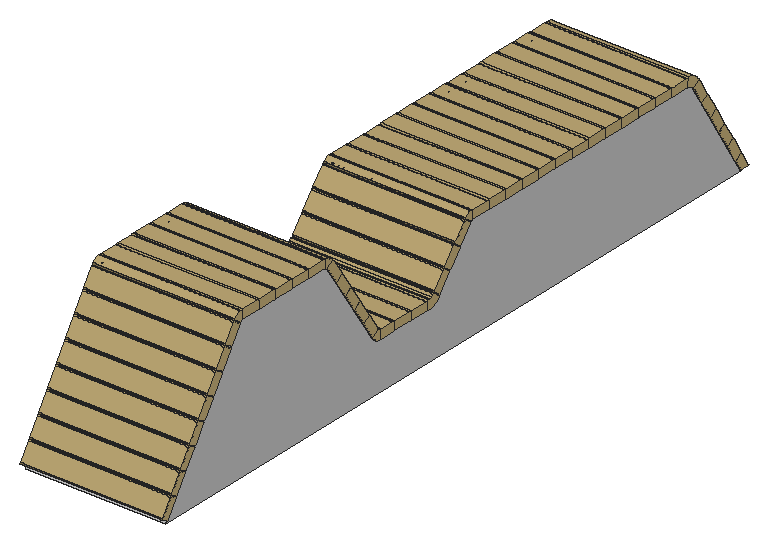
Revit family "L-FUR_벤치_YB-278_예건", category 일반 모델, Revit 2021
Family settings
  보강 철근 호스트 가능 = 아니오
  원형 커넥터 치수 = 지름 사용
  부품 유형 = 보통
  작업 기준면 기반 = 아니오
  항상 수직 = 예
  로드될 때 보이드를 사용하여 절단 = 아니오
  공유 = 아니오
  룸 계산 점 = 아니오
Parameters
  한국산업규격KS = ""
  조달청표준공사코드-세부공종 = ""
  기본 입면도 = 0 mm
  건설정보분류체계-부위분류 = "E943"
  LIM_INFO_주의사항 = "재배포, 재가공, 판매 금지"
  LIM_INFO_제품업체 = "예건"
  LIM_INFO_제품번호 = "YF-16"
  LIM_INFO_제품명 = "펜스_YF-16"
  LIM_INFO_제작일 = "20230315"
  LIM_INFO_재료 = "Hardwood, STL-pipe, STL-plate"
  LIM_INFO_업체정보 = ""
  LIM_INFO_업체URL = "https://yekun.com/"
  LIM_INFO_업체TEL = "(+82)31-943-6114"
  LIM_INFO_업체EMAIL = "yekun@yekun.com"
  LIM_INFO_버전 = "2023_V01"
  LIM_INFO_기타정보 = ""
  LIM_INFO_규격 = "W2000 x H1800"
  LIM_INFO_가격 = 0
  LIM_INFO_PV_포장재여부 = yes
  LIM_INFO_PV_면적 = 0.00 m²
  KBIMS_식별-버전 = ""
  KBIMS_식별-bSK등록번호 = ""
  KBIMS_보급정보-저작자 = "림인포테크_MMJ"
  KBIMS_보급정보-보급코드 = ""
Reference planes
  plane 1 "중심(앞/뒤)": y = 0
  plane 2: z = 0
  plane 3 "중심(왼쪽/오른쪽)": x = 0
Dimensions and locks
  aligned and locked: level to plane 2
Nested families
  nested 1: "YB-278_base" at (0, 0, 0), type "YB-278_base"
Definition of nested family "YB-278_base"
  Parameters (values of type "YB-278_base")
    Default Elevation = 0 mm
  Reference planes
    plane 1 "중심(앞/뒤)": y = 0
    plane 2: z = 0
    plane 3 "중심(왼쪽/오른쪽)": x = 0
  Forms (mm)
    Sweep 1, solid, not visible, detail levels fine
      path origin (0, 0, 0) x (1, 0, 0) y (0, 1, 0)
        loop
          circle (-1867.879, -167.062) r 568.25
      profile origin (-1867.879, 401.188, 0) x (0, -1, 0) y (0, 0, 1)
        loop
          circle (0, 0) r 28.75
        loop
          circle (0, 0) r 30.25
    Sweep 2, solid, not visible, detail levels coarse+medium
      path origin (0, 0, 0) x (1, 0, 0) y (0, 1, 0)
        loop
          circle (-1867.879, -167.062) r 568.25
      profile origin (-1867.879, 401.188, 0) x (0, -1, 0) y (0, 0, 1)
        loop
          line (26.465, -11.234) -> (26.657, 10.77) -> (11.234, 26.465) -> (-10.77, 26.657) -> (-26.465, 11.234) -> (-26.657, -10.77) -> (-11.234, -26.465) -> (10.77, -26.657) -> (26.465, -11.234)
        loop
          line (28.047, 11.332) -> (11.82, 27.845) -> (-11.332, 28.047) -> (-27.845, 11.82) -> (-28.047, -11.332) -> (-11.82, -27.845) -> (11.332, -28.047) -> (27.845, -11.82) -> (28.047, 11.332)
    Sweep 3, solid, not visible, detail levels fine
      path origin (0, 0, -1310.25) x (1, 0, 0) y (0, 1, 0)
        loop
          circle (-1867.879, -167.062) r 568.25
      profile origin (-1867.879, 401.188, -1310.25) x (0, -1, 0) y (0, 0, 1)
        loop
          circle (0, 1310.25) r 28.75
        loop
          circle (0, 1310.25) r 30.25
    Sweep 4, solid, not visible, detail levels coarse+medium
      path origin (0, 0, -1310.25) x (1, 0, 0) y (0, 1, 0)
        loop
          circle (-1867.879, -167.062) r 568.25
      profile origin (-1867.879, 401.188, -1310.25) x (0, -1, 0) y (0, 0, 1)
        loop
          line (26.465, 1299.016) -> (26.657, 1321.02) -> (11.234, 1336.715) -> (-10.77, 1336.907) -> (-26.465, 1321.484) -> (-26.657, 1299.48) -> (-11.234, 1283.785) -> (10.77, 1283.593) -> (26.465, 1299.016)
        loop
          line (28.047, 1321.582) -> (11.82, 1338.095) -> (-11.332, 1338.297) -> (-27.845, 1322.07) -> (-28.047, 1298.918) -> (-11.82, 1282.405) -> (11.332, 1282.203) -> (27.845, 1298.43) -> (28.047, 1321.582)
    Extrusion 5, solid, not visible
      sketch origin (0, 0, 0) x (1, 0, 0) y (0, 1, 0)
        loop
          line (-1678.243, -2480.024) -> (-1613.986, -2453.408)
          arc (-1613.986, -2453.408) -> (-1612.495, -2452.007) -> (-1612.304, -2449.969) r 2.893
          line (-1612.304, -2449.969) -> (-1622.315, -2413.562) -> (-1700.528, -2445.959) -> (-1681.864, -2478.781)
          arc (-1681.864, -2478.781) -> (-1680.288, -2480.087) -> (-1678.243, -2480.024) r 2.893
        loop
          line (-1517.968, -2394.568) -> (-1465.081, -2349.398)
          arc (-1465.081, -2349.398) -> (-1464.096, -2347.605) -> (-1464.544, -2345.608) r 2.893
          line (-1464.544, -2345.608) -> (-1485.315, -2314.077) -> (-1549.689, -2369.057) -> (-1521.796, -2394.505)
          arc (-1521.796, -2394.505) -> (-1519.893, -2395.26) -> (-1517.968, -2394.568) r 2.893
        loop
          line (-1391.945, -2263.766) -> (-1355.605, -2204.465)
          arc (-1355.605, -2204.465) -> (-1355.222, -2202.454) -> (-1356.265, -2200.694) r 2.893
          line (-1356.265, -2200.694) -> (-1385.763, -2177.125) -> (-1429.997, -2249.307) -> (-1395.605, -2264.89)
          arc (-1395.605, -2264.89) -> (-1393.562, -2265.02) -> (-1391.945, -2263.766) r 2.893
        loop
          line (-1312.509, -2100.424) -> (-1296.273, -2032.795)
          arc (-1296.273, -2032.795) -> (-1296.53, -2030.765) -> (-1298.067, -2029.413) r 2.893
          line (-1298.067, -2029.413) -> (-1333.404, -2016.112) -> (-1353.167, -2098.431) -> (-1315.643, -2102.623)
          arc (-1315.643, -2102.623) -> (-1313.66, -2102.116) -> (-1312.509, -2100.424) r 2.893
        loop
          line (-1287.437, -1920.529) -> (-1292.894, -1851.193)
          arc (-1292.894, -1851.193) -> (-1293.766, -1849.341) -> (-1295.645, -1848.53) r 2.893
          line (-1295.645, -1848.53) -> (-1333.364, -1846.801) -> (-1326.722, -1931.197) -> (-1289.738, -1923.589)
          arc (-1289.738, -1923.589) -> (-1288.009, -1922.494) -> (-1287.437, -1920.529) r 2.893
        loop
          line (-1319.183, -1741.691) -> (-1345.799, -1677.435)
          arc (-1345.799, -1677.435) -> (-1347.201, -1675.943) -> (-1349.238, -1675.753) r 2.893
          line (-1349.238, -1675.753) -> (-1385.645, -1685.763) -> (-1353.248, -1763.977) -> (-1320.426, -1745.312)
          arc (-1320.426, -1745.312) -> (-1319.12, -1743.736) -> (-1319.183, -1741.691) r 2.893
        loop
          line (-1404.64, -1581.416) -> (-1449.809, -1528.529)
          arc (-1449.809, -1528.529) -> (-1451.603, -1527.544) -> (-1453.6, -1527.992) r 2.893
          line (-1453.6, -1527.992) -> (-1485.131, -1548.764) -> (-1430.15, -1613.138) -> (-1404.702, -1585.244)
          arc (-1404.702, -1585.244) -> (-1403.947, -1583.342) -> (-1404.64, -1581.416) r 2.893
        loop
          line (-1535.441, -1455.393) -> (-1594.742, -1419.053)
          arc (-1594.742, -1419.053) -> (-1596.753, -1418.67) -> (-1598.513, -1419.714) r 2.893
          line (-1598.513, -1419.714) -> (-1622.083, -1449.212) -> (-1549.9, -1493.445) -> (-1534.317, -1459.053)
          arc (-1534.317, -1459.053) -> (-1534.187, -1457.01) -> (-1535.441, -1455.393) r 2.893
        loop
          line (-1698.784, -1375.958) -> (-1766.412, -1359.721)
          arc (-1766.412, -1359.721) -> (-1768.443, -1359.978) -> (-1769.795, -1361.515) r 2.893
          line (-1769.795, -1361.515) -> (-1783.095, -1396.853) -> (-1700.777, -1416.616) -> (-1696.584, -1379.091)
          arc (-1696.584, -1379.091) -> (-1697.091, -1377.108) -> (-1698.784, -1375.958) r 2.893
        loop
          line (-1878.679, -1350.886) -> (-1948.015, -1356.343)
          arc (-1948.015, -1356.343) -> (-1949.866, -1357.215) -> (-1950.677, -1359.094) r 2.893
          line (-1950.677, -1359.094) -> (-1952.406, -1396.812) -> (-1868.01, -1390.17) -> (-1875.618, -1353.187)
          arc (-1875.618, -1353.187) -> (-1876.713, -1351.457) -> (-1878.679, -1350.886) r 2.893
        loop
          line (-2057.516, -1382.632) -> (-2121.773, -1409.247)
          arc (-2121.773, -1409.247) -> (-2123.264, -1410.649) -> (-2123.455, -1412.687) r 2.893
          line (-2123.455, -1412.687) -> (-2113.444, -1449.093) -> (-2035.231, -1416.696) -> (-2053.895, -1383.874)
          arc (-2053.895, -1383.874) -> (-2055.471, -1382.568) -> (-2057.516, -1382.632) r 2.893
        loop
          line (-2217.791, -1468.088) -> (-2270.678, -1513.257)
          arc (-2270.678, -1513.257) -> (-2271.663, -1515.051) -> (-2271.215, -1517.048) r 2.893
          line (-2271.215, -1517.048) -> (-2250.444, -1548.579) -> (-2186.07, -1493.598) -> (-2213.963, -1468.15)
          arc (-2213.963, -1468.15) -> (-2215.865, -1467.395) -> (-2217.791, -1468.088) r 2.893
        loop
          line (-2343.814, -1598.889) -> (-2380.154, -1658.191)
          arc (-2380.154, -1658.191) -> (-2380.537, -1660.201) -> (-2379.494, -1661.962) r 2.893
          line (-2379.494, -1661.962) -> (-2349.996, -1685.531) -> (-2305.762, -1613.349) -> (-2340.154, -1597.766)
          arc (-2340.154, -1597.766) -> (-2342.197, -1597.635) -> (-2343.814, -1598.889) r 2.893
        loop
          line (-2437.692, -1833.243) -> (-2402.355, -1846.543) -> (-2382.592, -1764.225) -> (-2420.116, -1760.032)
          arc (-2420.116, -1760.032) -> (-2422.099, -1760.539) -> (-2423.25, -1762.232) r 2.893
          line (-2423.25, -1762.232) -> (-2439.486, -1829.861)
          arc (-2439.486, -1829.861) -> (-2439.229, -1831.891) -> (-2437.692, -1833.243) r 2.893
        loop
          line (-2440.113, -2014.125) -> (-2402.395, -2015.855) -> (-2409.037, -1931.458) -> (-2446.021, -1939.067)
          arc (-2446.021, -1939.067) -> (-2447.75, -1940.162) -> (-2448.322, -1942.127) r 2.893
          line (-2448.322, -1942.127) -> (-2442.865, -2011.463)
          arc (-2442.865, -2011.463) -> (-2441.993, -2013.314) -> (-2440.113, -2014.125) r 2.893
        loop
          line (-2386.521, -2186.903) -> (-2350.114, -2176.892) -> (-2382.511, -2098.679) -> (-2415.333, -2117.343)
          arc (-2415.333, -2117.343) -> (-2416.639, -2118.919) -> (-2416.576, -2120.965) r 2.893
          line (-2416.576, -2120.965) -> (-2389.96, -2185.221)
          arc (-2389.96, -2185.221) -> (-2388.558, -2186.712) -> (-2386.521, -2186.903) r 2.893
        loop
          line (-2282.159, -2334.663) -> (-2250.628, -2313.892) -> (-2305.609, -2249.518) -> (-2331.057, -2277.412)
          arc (-2331.057, -2277.412) -> (-2331.812, -2279.314) -> (-2331.119, -2281.24) r 2.893
          line (-2331.119, -2281.24) -> (-2285.95, -2334.126)
          arc (-2285.95, -2334.126) -> (-2284.156, -2335.112) -> (-2282.159, -2334.663) r 2.893
        loop
          line (-2137.246, -2442.942) -> (-2113.676, -2413.444) -> (-2185.859, -2369.21) -> (-2201.441, -2403.603)
          arc (-2201.441, -2403.603) -> (-2201.572, -2405.645) -> (-2200.318, -2407.263) r 2.893
          line (-2200.318, -2407.263) -> (-2141.017, -2443.603)
          arc (-2141.017, -2443.603) -> (-2139.006, -2443.986) -> (-2137.246, -2442.942) r 2.893
        loop
          line (-1965.964, -2501.141) -> (-1952.664, -2465.803) -> (-2034.982, -2446.04) -> (-2039.175, -2483.564)
          arc (-2039.175, -2483.564) -> (-2038.668, -2485.547) -> (-2036.975, -2486.698) r 2.893
          line (-2036.975, -2486.698) -> (-1969.347, -2502.934)
          arc (-1969.347, -2502.934) -> (-1967.316, -2502.677) -> (-1965.964, -2501.141) r 2.893
        loop
          line (-1785.082, -2503.562) -> (-1783.353, -2465.844) -> (-1867.749, -2472.486) -> (-1860.141, -2509.469)
          arc (-1860.141, -2509.469) -> (-1859.046, -2511.198) -> (-1857.08, -2511.77) r 2.893
          line (-1857.08, -2511.77) -> (-1787.744, -2506.313)
          arc (-1787.744, -2506.313) -> (-1785.893, -2505.441) -> (-1785.082, -2503.562) r 2.893
      from 0 to 680
    Extrusion 6, solid, not visible
      sketch origin (-326.184, 269.167, 0) x (0.987613, 0.156911, 0) y (-0.156911, 0.987613, 0)
        loop
          line (-1678.243, -2480.024) -> (-1613.986, -2453.408)
          arc (-1613.986, -2453.408) -> (-1612.495, -2452.007) -> (-1612.304, -2449.969) r 2.893
          line (-1612.304, -2449.969) -> (-1622.315, -2413.562) -> (-1700.528, -2445.959) -> (-1681.864, -2478.781)
          arc (-1681.864, -2478.781) -> (-1680.288, -2480.087) -> (-1678.243, -2480.024) r 2.893
        loop
          line (-1517.968, -2394.568) -> (-1465.081, -2349.398)
          arc (-1465.081, -2349.398) -> (-1464.096, -2347.605) -> (-1464.544, -2345.608) r 2.893
          line (-1464.544, -2345.608) -> (-1485.315, -2314.077) -> (-1549.689, -2369.057) -> (-1521.796, -2394.505)
          arc (-1521.796, -2394.505) -> (-1519.893, -2395.26) -> (-1517.968, -2394.568) r 2.893
        loop
          line (-1391.945, -2263.766) -> (-1355.605, -2204.465)
          arc (-1355.605, -2204.465) -> (-1355.222, -2202.454) -> (-1356.265, -2200.694) r 2.893
          line (-1356.265, -2200.694) -> (-1385.763, -2177.125) -> (-1429.997, -2249.307) -> (-1395.605, -2264.89)
          arc (-1395.605, -2264.89) -> (-1393.562, -2265.02) -> (-1391.945, -2263.766) r 2.893
        loop
          line (-1312.509, -2100.424) -> (-1296.273, -2032.795)
          arc (-1296.273, -2032.795) -> (-1296.53, -2030.765) -> (-1298.067, -2029.413) r 2.893
          line (-1298.067, -2029.413) -> (-1333.404, -2016.112) -> (-1353.167, -2098.431) -> (-1315.643, -2102.623)
          arc (-1315.643, -2102.623) -> (-1313.66, -2102.116) -> (-1312.509, -2100.424) r 2.893
        loop
          line (-1287.437, -1920.529) -> (-1292.894, -1851.193)
          arc (-1292.894, -1851.193) -> (-1293.766, -1849.341) -> (-1295.645, -1848.53) r 2.893
          line (-1295.645, -1848.53) -> (-1333.364, -1846.801) -> (-1326.722, -1931.197) -> (-1289.738, -1923.589)
          arc (-1289.738, -1923.589) -> (-1288.009, -1922.494) -> (-1287.437, -1920.529) r 2.893
        loop
          line (-1319.183, -1741.691) -> (-1345.799, -1677.435)
          arc (-1345.799, -1677.435) -> (-1347.201, -1675.943) -> (-1349.238, -1675.753) r 2.893
          line (-1349.238, -1675.753) -> (-1385.645, -1685.763) -> (-1353.248, -1763.977) -> (-1320.426, -1745.312)
          arc (-1320.426, -1745.312) -> (-1319.12, -1743.736) -> (-1319.183, -1741.691) r 2.893
        loop
          line (-1404.64, -1581.416) -> (-1449.809, -1528.529)
          arc (-1449.809, -1528.529) -> (-1451.603, -1527.544) -> (-1453.6, -1527.992) r 2.893
          line (-1453.6, -1527.992) -> (-1485.131, -1548.764) -> (-1430.15, -1613.138) -> (-1404.702, -1585.244)
          arc (-1404.702, -1585.244) -> (-1403.947, -1583.342) -> (-1404.64, -1581.416) r 2.893
        loop
          line (-1535.441, -1455.393) -> (-1594.742, -1419.053)
          arc (-1594.742, -1419.053) -> (-1596.753, -1418.67) -> (-1598.513, -1419.714) r 2.893
          line (-1598.513, -1419.714) -> (-1622.083, -1449.212) -> (-1549.9, -1493.445) -> (-1534.317, -1459.053)
          arc (-1534.317, -1459.053) -> (-1534.187, -1457.01) -> (-1535.441, -1455.393) r 2.893
        loop
          line (-1698.784, -1375.958) -> (-1766.412, -1359.721)
          arc (-1766.412, -1359.721) -> (-1768.443, -1359.978) -> (-1769.795, -1361.515) r 2.893
          line (-1769.795, -1361.515) -> (-1783.095, -1396.853) -> (-1700.777, -1416.616) -> (-1696.584, -1379.091)
          arc (-1696.584, -1379.091) -> (-1697.091, -1377.108) -> (-1698.784, -1375.958) r 2.893
        loop
          line (-1878.679, -1350.886) -> (-1948.015, -1356.343)
          arc (-1948.015, -1356.343) -> (-1949.866, -1357.215) -> (-1950.677, -1359.094) r 2.893
          line (-1950.677, -1359.094) -> (-1952.406, -1396.812) -> (-1868.01, -1390.17) -> (-1875.618, -1353.187)
          arc (-1875.618, -1353.187) -> (-1876.713, -1351.457) -> (-1878.679, -1350.886) r 2.893
        loop
          line (-2057.516, -1382.632) -> (-2121.773, -1409.247)
          arc (-2121.773, -1409.247) -> (-2123.264, -1410.649) -> (-2123.455, -1412.687) r 2.893
          line (-2123.455, -1412.687) -> (-2113.444, -1449.093) -> (-2035.231, -1416.696) -> (-2053.895, -1383.874)
          arc (-2053.895, -1383.874) -> (-2055.471, -1382.568) -> (-2057.516, -1382.632) r 2.893
        loop
          line (-2217.791, -1468.088) -> (-2270.678, -1513.257)
          arc (-2270.678, -1513.257) -> (-2271.663, -1515.051) -> (-2271.215, -1517.048) r 2.893
          line (-2271.215, -1517.048) -> (-2250.444, -1548.579) -> (-2186.07, -1493.598) -> (-2213.963, -1468.15)
          arc (-2213.963, -1468.15) -> (-2215.865, -1467.395) -> (-2217.791, -1468.088) r 2.893
        loop
          line (-2343.814, -1598.889) -> (-2380.154, -1658.191)
          arc (-2380.154, -1658.191) -> (-2380.537, -1660.201) -> (-2379.494, -1661.962) r 2.893
          line (-2379.494, -1661.962) -> (-2349.996, -1685.531) -> (-2305.762, -1613.349) -> (-2340.154, -1597.766)
          arc (-2340.154, -1597.766) -> (-2342.197, -1597.635) -> (-2343.814, -1598.889) r 2.893
        loop
          line (-2437.692, -1833.243) -> (-2402.355, -1846.543) -> (-2382.592, -1764.225) -> (-2420.116, -1760.032)
          arc (-2420.116, -1760.032) -> (-2422.099, -1760.539) -> (-2423.25, -1762.232) r 2.893
          line (-2423.25, -1762.232) -> (-2439.486, -1829.861)
          arc (-2439.486, -1829.861) -> (-2439.229, -1831.891) -> (-2437.692, -1833.243) r 2.893
        loop
          line (-2440.113, -2014.125) -> (-2402.395, -2015.855) -> (-2409.037, -1931.458) -> (-2446.021, -1939.067)
          arc (-2446.021, -1939.067) -> (-2447.75, -1940.162) -> (-2448.322, -1942.127) r 2.893
          line (-2448.322, -1942.127) -> (-2442.865, -2011.463)
          arc (-2442.865, -2011.463) -> (-2441.993, -2013.314) -> (-2440.113, -2014.125) r 2.893
        loop
          line (-2386.521, -2186.903) -> (-2350.114, -2176.892) -> (-2382.511, -2098.679) -> (-2415.333, -2117.343)
          arc (-2415.333, -2117.343) -> (-2416.639, -2118.919) -> (-2416.576, -2120.965) r 2.893
          line (-2416.576, -2120.965) -> (-2389.96, -2185.221)
          arc (-2389.96, -2185.221) -> (-2388.558, -2186.712) -> (-2386.521, -2186.903) r 2.893
        loop
          line (-2282.159, -2334.663) -> (-2250.628, -2313.892) -> (-2305.609, -2249.518) -> (-2331.057, -2277.412)
          arc (-2331.057, -2277.412) -> (-2331.812, -2279.314) -> (-2331.119, -2281.24) r 2.893
          line (-2331.119, -2281.24) -> (-2285.95, -2334.126)
          arc (-2285.95, -2334.126) -> (-2284.156, -2335.112) -> (-2282.159, -2334.663) r 2.893
        loop
          line (-2137.246, -2442.942) -> (-2113.676, -2413.444) -> (-2185.859, -2369.21) -> (-2201.441, -2403.603)
          arc (-2201.441, -2403.603) -> (-2201.572, -2405.645) -> (-2200.318, -2407.263) r 2.893
          line (-2200.318, -2407.263) -> (-2141.017, -2443.603)
          arc (-2141.017, -2443.603) -> (-2139.006, -2443.986) -> (-2137.246, -2442.942) r 2.893
        loop
          line (-1965.964, -2501.141) -> (-1952.664, -2465.803) -> (-2034.982, -2446.04) -> (-2039.175, -2483.564)
          arc (-2039.175, -2483.564) -> (-2038.668, -2485.547) -> (-2036.975, -2486.698) r 2.893
          line (-2036.975, -2486.698) -> (-1969.347, -2502.934)
          arc (-1969.347, -2502.934) -> (-1967.316, -2502.677) -> (-1965.964, -2501.141) r 2.893
        loop
          line (-1785.082, -2503.562) -> (-1783.353, -2465.844) -> (-1867.749, -2472.486) -> (-1860.141, -2509.469)
          arc (-1860.141, -2509.469) -> (-1859.046, -2511.198) -> (-1857.08, -2511.77) r 2.893
          line (-1857.08, -2511.77) -> (-1787.744, -2506.313)
          arc (-1787.744, -2506.313) -> (-1785.893, -2505.441) -> (-1785.082, -2503.562) r 2.893
      from 0 to 680
    Extrusion 7, solid, not visible
      sketch origin (0, 0, 0) x (1, 0, 0) y (0, 1, 0)
        loop
          circle (-1867.879, -1931.328) r 537.5
        loop
          circle (-1867.879, -1931.328) r 539.5
      from 0 to 794.31
    Sweep 8, solid, not visible, detail levels fine
      path origin (0, -1764.266, -542.405) x (1, 0, 0) y (0, 1, 0)
        loop
          circle (-1867.879, -167.062) r 568.25
      profile origin (-1867.879, -1363.078, -542.405) x (0, -1, 0) y (0, 0, 1)
        loop
          circle (0, 1310.25) r 28.75
        loop
          circle (0, 1310.25) r 30.25
    Sweep 9, solid, not visible, detail levels coarse+medium
      path origin (0, -1764.266, -542.405) x (1, 0, 0) y (0, 1, 0)
        loop
          circle (-1867.879, -167.062) r 568.25
      profile origin (-1867.879, -1363.078, -542.405) x (0, -1, 0) y (0, 0, 1)
        loop
          line (26.465, 1299.016) -> (26.657, 1321.02) -> (11.234, 1336.715) -> (-10.77, 1336.907) -> (-26.465, 1321.484) -> (-26.657, 1299.48) -> (-11.234, 1283.785) -> (10.77, 1283.593) -> (26.465, 1299.016)
        loop
          line (28.047, 1321.582) -> (11.82, 1338.095) -> (-11.332, 1338.297) -> (-27.845, 1322.07) -> (-28.047, 1298.918) -> (-11.82, 1282.405) -> (11.332, 1282.203) -> (27.845, 1298.43) -> (28.047, 1321.582)
    Sweep 10, solid, not visible, detail levels fine
      path origin (0, -1764.266, -1278.297) x (1, 0, 0) y (0, 1, 0)
        loop
          circle (-1867.879, -167.062) r 568.25
      profile origin (-1867.879, -1363.078, -1278.297) x (0, -1, 0) y (0, 0, 1)
        loop
          circle (0, 1310.25) r 28.75
        loop
          circle (0, 1310.25) r 30.25
    Sweep 11, solid, not visible, detail levels coarse+medium
      path origin (0, -1764.266, -1278.297) x (1, 0, 0) y (0, 1, 0)
        loop
          circle (-1867.879, -167.062) r 568.25
      profile origin (-1867.879, -1363.078, -1278.297) x (0, -1, 0) y (0, 0, 1)
        loop
          line (26.465, 1299.016) -> (26.657, 1321.02) -> (11.234, 1336.715) -> (-10.77, 1336.907) -> (-26.465, 1321.484) -> (-26.657, 1299.48) -> (-11.234, 1283.785) -> (10.77, 1283.593) -> (26.465, 1299.016)
        loop
          line (28.047, 1321.582) -> (11.82, 1338.095) -> (-11.332, 1338.297) -> (-27.845, 1322.07) -> (-28.047, 1298.918) -> (-11.82, 1282.405) -> (11.332, 1282.203) -> (27.845, 1298.43) -> (28.047, 1321.582)
    Extrusion 12, solid, not visible
      sketch origin (0, 0, 60) x (1, 0, 0) y (0, 1, 0)
        loop
          line (-1678.243, -2480.024) -> (-1613.986, -2453.408)
          arc (-1613.986, -2453.408) -> (-1612.495, -2452.007) -> (-1612.304, -2449.969) r 2.893
          line (-1612.304, -2449.969) -> (-1622.315, -2413.562) -> (-1700.528, -2445.959) -> (-1681.864, -2478.781)
          arc (-1681.864, -2478.781) -> (-1680.288, -2480.087) -> (-1678.243, -2480.024) r 2.893
        loop
          line (-1517.968, -2394.568) -> (-1465.081, -2349.398)
          arc (-1465.081, -2349.398) -> (-1464.096, -2347.605) -> (-1464.544, -2345.608) r 2.893
          line (-1464.544, -2345.608) -> (-1485.315, -2314.077) -> (-1549.689, -2369.057) -> (-1521.796, -2394.505)
          arc (-1521.796, -2394.505) -> (-1519.893, -2395.26) -> (-1517.968, -2394.568) r 2.893
        loop
          line (-1391.945, -2263.766) -> (-1355.605, -2204.465)
          arc (-1355.605, -2204.465) -> (-1355.222, -2202.454) -> (-1356.265, -2200.694) r 2.893
          line (-1356.265, -2200.694) -> (-1385.763, -2177.125) -> (-1429.997, -2249.307) -> (-1395.605, -2264.89)
          arc (-1395.605, -2264.89) -> (-1393.562, -2265.02) -> (-1391.945, -2263.766) r 2.893
        loop
          line (-1312.509, -2100.424) -> (-1296.273, -2032.795)
          arc (-1296.273, -2032.795) -> (-1296.53, -2030.765) -> (-1298.067, -2029.413) r 2.893
          line (-1298.067, -2029.413) -> (-1333.404, -2016.112) -> (-1353.167, -2098.431) -> (-1315.643, -2102.623)
          arc (-1315.643, -2102.623) -> (-1313.66, -2102.116) -> (-1312.509, -2100.424) r 2.893
        loop
          line (-1287.437, -1920.529) -> (-1292.894, -1851.193)
          arc (-1292.894, -1851.193) -> (-1293.766, -1849.341) -> (-1295.645, -1848.53) r 2.893
          line (-1295.645, -1848.53) -> (-1333.364, -1846.801) -> (-1326.722, -1931.197) -> (-1289.738, -1923.589)
          arc (-1289.738, -1923.589) -> (-1288.009, -1922.494) -> (-1287.437, -1920.529) r 2.893
        loop
          line (-1319.183, -1741.691) -> (-1345.799, -1677.435)
          arc (-1345.799, -1677.435) -> (-1347.201, -1675.943) -> (-1349.238, -1675.753) r 2.893
          line (-1349.238, -1675.753) -> (-1385.645, -1685.763) -> (-1353.248, -1763.977) -> (-1320.426, -1745.312)
          arc (-1320.426, -1745.312) -> (-1319.12, -1743.736) -> (-1319.183, -1741.691) r 2.893
        loop
          line (-1404.64, -1581.416) -> (-1449.809, -1528.529)
          arc (-1449.809, -1528.529) -> (-1451.603, -1527.544) -> (-1453.6, -1527.992) r 2.893
          line (-1453.6, -1527.992) -> (-1485.131, -1548.764) -> (-1430.15, -1613.138) -> (-1404.702, -1585.244)
          arc (-1404.702, -1585.244) -> (-1403.947, -1583.342) -> (-1404.64, -1581.416) r 2.893
        loop
          line (-1535.441, -1455.393) -> (-1594.742, -1419.053)
          arc (-1594.742, -1419.053) -> (-1596.753, -1418.67) -> (-1598.513, -1419.714) r 2.893
          line (-1598.513, -1419.714) -> (-1622.083, -1449.212) -> (-1549.9, -1493.445) -> (-1534.317, -1459.053)
          arc (-1534.317, -1459.053) -> (-1534.187, -1457.01) -> (-1535.441, -1455.393) r 2.893
        loop
          line (-1698.784, -1375.958) -> (-1766.412, -1359.721)
          arc (-1766.412, -1359.721) -> (-1768.443, -1359.978) -> (-1769.795, -1361.515) r 2.893
          line (-1769.795, -1361.515) -> (-1783.095, -1396.853) -> (-1700.777, -1416.616) -> (-1696.584, -1379.091)
          arc (-1696.584, -1379.091) -> (-1697.091, -1377.108) -> (-1698.784, -1375.958) r 2.893
        loop
          line (-1878.679, -1350.886) -> (-1948.015, -1356.343)
          arc (-1948.015, -1356.343) -> (-1949.866, -1357.215) -> (-1950.677, -1359.094) r 2.893
          line (-1950.677, -1359.094) -> (-1952.406, -1396.812) -> (-1868.01, -1390.17) -> (-1875.618, -1353.187)
          arc (-1875.618, -1353.187) -> (-1876.713, -1351.457) -> (-1878.679, -1350.886) r 2.893
        loop
          line (-2057.516, -1382.632) -> (-2121.773, -1409.247)
          arc (-2121.773, -1409.247) -> (-2123.264, -1410.649) -> (-2123.455, -1412.687) r 2.893
          line (-2123.455, -1412.687) -> (-2113.444, -1449.093) -> (-2035.231, -1416.696) -> (-2053.895, -1383.874)
          arc (-2053.895, -1383.874) -> (-2055.471, -1382.568) -> (-2057.516, -1382.632) r 2.893
        loop
          line (-2217.791, -1468.088) -> (-2270.678, -1513.257)
          arc (-2270.678, -1513.257) -> (-2271.663, -1515.051) -> (-2271.215, -1517.048) r 2.893
          line (-2271.215, -1517.048) -> (-2250.444, -1548.579) -> (-2186.07, -1493.598) -> (-2213.963, -1468.15)
          arc (-2213.963, -1468.15) -> (-2215.865, -1467.395) -> (-2217.791, -1468.088) r 2.893
        loop
          line (-2343.814, -1598.889) -> (-2380.154, -1658.191)
          arc (-2380.154, -1658.191) -> (-2380.537, -1660.201) -> (-2379.494, -1661.962) r 2.893
          line (-2379.494, -1661.962) -> (-2349.996, -1685.531) -> (-2305.762, -1613.349) -> (-2340.154, -1597.766)
          arc (-2340.154, -1597.766) -> (-2342.197, -1597.635) -> (-2343.814, -1598.889) r 2.893
        loop
          line (-2437.692, -1833.243) -> (-2402.355, -1846.543) -> (-2382.592, -1764.225) -> (-2420.116, -1760.032)
          arc (-2420.116, -1760.032) -> (-2422.099, -1760.539) -> (-2423.25, -1762.232) r 2.893
          line (-2423.25, -1762.232) -> (-2439.486, -1829.861)
          arc (-2439.486, -1829.861) -> (-2439.229, -1831.891) -> (-2437.692, -1833.243) r 2.893
        loop
          line (-2440.113, -2014.125) -> (-2402.395, -2015.855) -> (-2409.037, -1931.458) -> (-2446.021, -1939.067)
          arc (-2446.021, -1939.067) -> (-2447.75, -1940.162) -> (-2448.322, -1942.127) r 2.893
          line (-2448.322, -1942.127) -> (-2442.865, -2011.463)
          arc (-2442.865, -2011.463) -> (-2441.993, -2013.314) -> (-2440.113, -2014.125) r 2.893
        loop
          line (-2386.521, -2186.903) -> (-2350.114, -2176.892) -> (-2382.511, -2098.679) -> (-2415.333, -2117.343)
          arc (-2415.333, -2117.343) -> (-2416.639, -2118.919) -> (-2416.576, -2120.965) r 2.893
          line (-2416.576, -2120.965) -> (-2389.96, -2185.221)
          arc (-2389.96, -2185.221) -> (-2388.558, -2186.712) -> (-2386.521, -2186.903) r 2.893
        loop
          line (-2282.159, -2334.663) -> (-2250.628, -2313.892) -> (-2305.609, -2249.518) -> (-2331.057, -2277.412)
          arc (-2331.057, -2277.412) -> (-2331.812, -2279.314) -> (-2331.119, -2281.24) r 2.893
          line (-2331.119, -2281.24) -> (-2285.95, -2334.126)
          arc (-2285.95, -2334.126) -> (-2284.156, -2335.112) -> (-2282.159, -2334.663) r 2.893
        loop
          line (-2137.246, -2442.942) -> (-2113.676, -2413.444) -> (-2185.859, -2369.21) -> (-2201.441, -2403.603)
          arc (-2201.441, -2403.603) -> (-2201.572, -2405.645) -> (-2200.318, -2407.263) r 2.893
          line (-2200.318, -2407.263) -> (-2141.017, -2443.603)
          arc (-2141.017, -2443.603) -> (-2139.006, -2443.986) -> (-2137.246, -2442.942) r 2.893
        loop
          line (-1965.964, -2501.141) -> (-1952.664, -2465.803) -> (-2034.982, -2446.04) -> (-2039.175, -2483.564)
          arc (-2039.175, -2483.564) -> (-2038.668, -2485.547) -> (-2036.975, -2486.698) r 2.893
          line (-2036.975, -2486.698) -> (-1969.347, -2502.934)
          arc (-1969.347, -2502.934) -> (-1967.316, -2502.677) -> (-1965.964, -2501.141) r 2.893
        loop
          line (-1785.082, -2503.562) -> (-1783.353, -2465.844) -> (-1867.749, -2472.486) -> (-1860.141, -2509.469)
          arc (-1860.141, -2509.469) -> (-1859.046, -2511.198) -> (-1857.08, -2511.77) r 2.893
          line (-1857.08, -2511.77) -> (-1787.744, -2506.313)
          arc (-1787.744, -2506.313) -> (-1785.893, -2505.441) -> (-1785.082, -2503.562) r 2.893
      from 0 to 680
    Extrusion 13, solid, not visible
      sketch origin (-326.184, 269.167, 60) x (0.987613, 0.156911, 0) y (-0.156911, 0.987613, 0)
        loop
          line (-1678.243, -2480.024) -> (-1613.986, -2453.408)
          arc (-1613.986, -2453.408) -> (-1612.495, -2452.007) -> (-1612.304, -2449.969) r 2.893
          line (-1612.304, -2449.969) -> (-1622.315, -2413.562) -> (-1700.528, -2445.959) -> (-1681.864, -2478.781)
          arc (-1681.864, -2478.781) -> (-1680.288, -2480.087) -> (-1678.243, -2480.024) r 2.893
        loop
          line (-1517.968, -2394.568) -> (-1465.081, -2349.398)
          arc (-1465.081, -2349.398) -> (-1464.096, -2347.605) -> (-1464.544, -2345.608) r 2.893
          line (-1464.544, -2345.608) -> (-1485.315, -2314.077) -> (-1549.689, -2369.057) -> (-1521.796, -2394.505)
          arc (-1521.796, -2394.505) -> (-1519.893, -2395.26) -> (-1517.968, -2394.568) r 2.893
        loop
          line (-1391.945, -2263.766) -> (-1355.605, -2204.465)
          arc (-1355.605, -2204.465) -> (-1355.222, -2202.454) -> (-1356.265, -2200.694) r 2.893
          line (-1356.265, -2200.694) -> (-1385.763, -2177.125) -> (-1429.997, -2249.307) -> (-1395.605, -2264.89)
          arc (-1395.605, -2264.89) -> (-1393.562, -2265.02) -> (-1391.945, -2263.766) r 2.893
        loop
          line (-1312.509, -2100.424) -> (-1296.273, -2032.795)
          arc (-1296.273, -2032.795) -> (-1296.53, -2030.765) -> (-1298.067, -2029.413) r 2.893
          line (-1298.067, -2029.413) -> (-1333.404, -2016.112) -> (-1353.167, -2098.431) -> (-1315.643, -2102.623)
          arc (-1315.643, -2102.623) -> (-1313.66, -2102.116) -> (-1312.509, -2100.424) r 2.893
        loop
          line (-1287.437, -1920.529) -> (-1292.894, -1851.193)
          arc (-1292.894, -1851.193) -> (-1293.766, -1849.341) -> (-1295.645, -1848.53) r 2.893
          line (-1295.645, -1848.53) -> (-1333.364, -1846.801) -> (-1326.722, -1931.197) -> (-1289.738, -1923.589)
          arc (-1289.738, -1923.589) -> (-1288.009, -1922.494) -> (-1287.437, -1920.529) r 2.893
        loop
          line (-1319.183, -1741.691) -> (-1345.799, -1677.435)
          arc (-1345.799, -1677.435) -> (-1347.201, -1675.943) -> (-1349.238, -1675.753) r 2.893
          line (-1349.238, -1675.753) -> (-1385.645, -1685.763) -> (-1353.248, -1763.977) -> (-1320.426, -1745.312)
          arc (-1320.426, -1745.312) -> (-1319.12, -1743.736) -> (-1319.183, -1741.691) r 2.893
        loop
          line (-1404.64, -1581.416) -> (-1449.809, -1528.529)
          arc (-1449.809, -1528.529) -> (-1451.603, -1527.544) -> (-1453.6, -1527.992) r 2.893
          line (-1453.6, -1527.992) -> (-1485.131, -1548.764) -> (-1430.15, -1613.138) -> (-1404.702, -1585.244)
          arc (-1404.702, -1585.244) -> (-1403.947, -1583.342) -> (-1404.64, -1581.416) r 2.893
        loop
          line (-1535.441, -1455.393) -> (-1594.742, -1419.053)
          arc (-1594.742, -1419.053) -> (-1596.753, -1418.67) -> (-1598.513, -1419.714) r 2.893
          line (-1598.513, -1419.714) -> (-1622.083, -1449.212) -> (-1549.9, -1493.445) -> (-1534.317, -1459.053)
          arc (-1534.317, -1459.053) -> (-1534.187, -1457.01) -> (-1535.441, -1455.393) r 2.893
        loop
          line (-1698.784, -1375.958) -> (-1766.412, -1359.721)
          arc (-1766.412, -1359.721) -> (-1768.443, -1359.978) -> (-1769.795, -1361.515) r 2.893
          line (-1769.795, -1361.515) -> (-1783.095, -1396.853) -> (-1700.777, -1416.616) -> (-1696.584, -1379.091)
          arc (-1696.584, -1379.091) -> (-1697.091, -1377.108) -> (-1698.784, -1375.958) r 2.893
        loop
          line (-1878.679, -1350.886) -> (-1948.015, -1356.343)
          arc (-1948.015, -1356.343) -> (-1949.866, -1357.215) -> (-1950.677, -1359.094) r 2.893
          line (-1950.677, -1359.094) -> (-1952.406, -1396.812) -> (-1868.01, -1390.17) -> (-1875.618, -1353.187)
          arc (-1875.618, -1353.187) -> (-1876.713, -1351.457) -> (-1878.679, -1350.886) r 2.893
        loop
          line (-2057.516, -1382.632) -> (-2121.773, -1409.247)
          arc (-2121.773, -1409.247) -> (-2123.264, -1410.649) -> (-2123.455, -1412.687) r 2.893
          line (-2123.455, -1412.687) -> (-2113.444, -1449.093) -> (-2035.231, -1416.696) -> (-2053.895, -1383.874)
          arc (-2053.895, -1383.874) -> (-2055.471, -1382.568) -> (-2057.516, -1382.632) r 2.893
        loop
          line (-2217.791, -1468.088) -> (-2270.678, -1513.257)
          arc (-2270.678, -1513.257) -> (-2271.663, -1515.051) -> (-2271.215, -1517.048) r 2.893
          line (-2271.215, -1517.048) -> (-2250.444, -1548.579) -> (-2186.07, -1493.598) -> (-2213.963, -1468.15)
          arc (-2213.963, -1468.15) -> (-2215.865, -1467.395) -> (-2217.791, -1468.088) r 2.893
        loop
          line (-2343.814, -1598.889) -> (-2380.154, -1658.191)
          arc (-2380.154, -1658.191) -> (-2380.537, -1660.201) -> (-2379.494, -1661.962) r 2.893
          line (-2379.494, -1661.962) -> (-2349.996, -1685.531) -> (-2305.762, -1613.349) -> (-2340.154, -1597.766)
          arc (-2340.154, -1597.766) -> (-2342.197, -1597.635) -> (-2343.814, -1598.889) r 2.893
        loop
          line (-2437.692, -1833.243) -> (-2402.355, -1846.543) -> (-2382.592, -1764.225) -> (-2420.116, -1760.032)
          arc (-2420.116, -1760.032) -> (-2422.099, -1760.539) -> (-2423.25, -1762.232) r 2.893
          line (-2423.25, -1762.232) -> (-2439.486, -1829.861)
          arc (-2439.486, -1829.861) -> (-2439.229, -1831.891) -> (-2437.692, -1833.243) r 2.893
        loop
          line (-2440.113, -2014.125) -> (-2402.395, -2015.855) -> (-2409.037, -1931.458) -> (-2446.021, -1939.067)
          arc (-2446.021, -1939.067) -> (-2447.75, -1940.162) -> (-2448.322, -1942.127) r 2.893
          line (-2448.322, -1942.127) -> (-2442.865, -2011.463)
          arc (-2442.865, -2011.463) -> (-2441.993, -2013.314) -> (-2440.113, -2014.125) r 2.893
        loop
          line (-2386.521, -2186.903) -> (-2350.114, -2176.892) -> (-2382.511, -2098.679) -> (-2415.333, -2117.343)
          arc (-2415.333, -2117.343) -> (-2416.639, -2118.919) -> (-2416.576, -2120.965) r 2.893
          line (-2416.576, -2120.965) -> (-2389.96, -2185.221)
          arc (-2389.96, -2185.221) -> (-2388.558, -2186.712) -> (-2386.521, -2186.903) r 2.893
        loop
          line (-2282.159, -2334.663) -> (-2250.628, -2313.892) -> (-2305.609, -2249.518) -> (-2331.057, -2277.412)
          arc (-2331.057, -2277.412) -> (-2331.812, -2279.314) -> (-2331.119, -2281.24) r 2.893
          line (-2331.119, -2281.24) -> (-2285.95, -2334.126)
          arc (-2285.95, -2334.126) -> (-2284.156, -2335.112) -> (-2282.159, -2334.663) r 2.893
        loop
          line (-2137.246, -2442.942) -> (-2113.676, -2413.444) -> (-2185.859, -2369.21) -> (-2201.441, -2403.603)
          arc (-2201.441, -2403.603) -> (-2201.572, -2405.645) -> (-2200.318, -2407.263) r 2.893
          line (-2200.318, -2407.263) -> (-2141.017, -2443.603)
          arc (-2141.017, -2443.603) -> (-2139.006, -2443.986) -> (-2137.246, -2442.942) r 2.893
        loop
          line (-1965.964, -2501.141) -> (-1952.664, -2465.803) -> (-2034.982, -2446.04) -> (-2039.175, -2483.564)
          arc (-2039.175, -2483.564) -> (-2038.668, -2485.547) -> (-2036.975, -2486.698) r 2.893
          line (-2036.975, -2486.698) -> (-1969.347, -2502.934)
          arc (-1969.347, -2502.934) -> (-1967.316, -2502.677) -> (-1965.964, -2501.141) r 2.893
        loop
          line (-1785.082, -2503.562) -> (-1783.353, -2465.844) -> (-1867.749, -2472.486) -> (-1860.141, -2509.469)
          arc (-1860.141, -2509.469) -> (-1859.046, -2511.198) -> (-1857.08, -2511.77) r 2.893
          line (-1857.08, -2511.77) -> (-1787.744, -2506.313)
          arc (-1787.744, -2506.313) -> (-1785.893, -2505.441) -> (-1785.082, -2503.562) r 2.893
      from 0 to 680
    Extrusion 14, solid, not visible
      sketch origin (0, -1764.266, 4.107) x (1, 0, 0) y (0, 1, 0)
        loop
          arc (-2404.542, -137.062) -> (-2405.379, -167.062) -> (-2404.542, -197.062) r 537.5
          line (-2404.542, -197.062) -> (-1331.217, -197.062)
          arc (-1331.217, -197.062) -> (-1330.379, -167.062) -> (-1331.217, -137.062) r 537.5
          line (-1331.217, -137.062) -> (-2404.542, -137.062)
      from 0 to 40
    Extrusion 15, solid, not visible
      sketch origin (-2034.942, -63.448, 4.107) x (0, 1, 0) y (-1, 0, 0)
        loop
          arc (-2404.542, -137.062) -> (-2405.379, -167.062) -> (-2404.542, -197.062) r 537.5
          line (-2404.542, -197.062) -> (-1331.217, -197.062)
          arc (-1331.217, -197.062) -> (-1330.379, -167.062) -> (-1331.217, -137.062) r 537.5
          line (-1331.217, -137.062) -> (-2404.542, -137.062)
      from 0 to 40
    Extrusion 16, solid, not visible
      sketch origin (0, -1764.266, 44.107) x (1, 0, 0) y (0, 1, 0)
        loop
          circle (-1867.879, -167.062) r 537.5
        loop
          circle (-2080.012, -379.194) r 10
        loop
          circle (-1655.747, -379.194) r 10
        loop
          circle (-1655.747, 45.07) r 10
        loop
          circle (-2080.012, 45.07) r 10
      from 0 to 1.2
    Extrusion 17, solid, not visible
      sketch origin (0, 142.026, 0) x (1, 0, 0) y (0, 0, 1)
        loop
          line (250.196, 700) -> (250.196, 50) -> (310.196, 50) -> (310.196, 700) -> (250.196, 700)
      from 0 to 20
    Revolve 18, solid, not visible, detail levels coarse+medium
      sketch origin (0, 0, 0) x (1, 0, 0) y (0, 0, 1)
        loop
          line (2550.799, 933.793) -> (2552.49, 933.793) -> (2552.49, 934.794) -> (2550.649, 934.794)
          arc (2550.649, 934.794) -> (2545.113, 933.3) -> (2541.082, 929.223) r 11
          line (2541.082, 929.223) -> (2530.908, 911.294) -> (2530.34, 910.294) -> (2531.49, 910.294) -> (2541.952, 928.73)
          arc (2541.952, 928.73) -> (2545.617, 932.436) -> (2550.649, 933.794) r 10
        axis (2567.64, 934.794) -> (2567.64, 910.294)
      angle from 0 to 360
    Revolve 19, solid, not visible, detail levels coarse+medium
      sketch origin (0, 0, 0) x (1, 0, 0) y (0, 0, 1)
        loop
          line (2552.79, 910.294) -> (2552.79, 933.794) -> (2550.949, 933.794)
          arc (2550.949, 933.794) -> (2545.917, 932.436) -> (2542.252, 928.73) r 10
          line (2542.252, 928.73) -> (2531.79, 910.294) -> (2533.63, 910.294) -> (2543.643, 927.94)
          arc (2543.643, 927.94) -> (2546.722, 931.053) -> (2550.949, 932.194) r 8.4
          line (2550.949, 932.194) -> (2550.949, 910.294) -> (2552.79, 910.294)
        axis (2567.64, 933.794) -> (2567.64, 910.294)
      angle from 0 to 360
    Sweep 20, solid, not visible, detail levels coarse+medium
      path origin (12.126, 0, 0) x (0, 1, 0) y (0, 0, 1)
        loop
          line (2755.111, 246.603) -> (2647.361, 246.603)
          arc (2647.361, 246.603) -> (2576.297, 276.039) -> (2546.861, 347.103) r 100.5
          line (2546.861, 347.103) -> (2546.861, 572.103)
          arc (2546.861, 572.103) -> (2576.297, 643.167) -> (2647.361, 672.603) r 100.5
          line (2647.361, 672.603) -> (2755.111, 672.603)
      profile origin (12.126, 2701.236, 246.603) x (0, 0, -1) y (1, 0, 0)
        loop
          line (2.459, -9.176) -> (8.227, -4.75) -> (9.176, 2.459) -> (4.75, 8.227) -> (-2.459, 9.176) -> (-8.227, 4.75) -> (-9.176, -2.459) -> (-4.75, -8.227) -> (2.459, -9.176)
    Sweep 21, solid, not visible, detail levels coarse+medium
      path origin (102.126, 0, 0) x (0, 1, 0) y (0, 0, 1)
        loop
          line (2755.111, 246.603) -> (2647.361, 246.603)
          arc (2647.361, 246.603) -> (2576.297, 276.039) -> (2546.861, 347.103) r 100.5
          line (2546.861, 347.103) -> (2546.861, 572.103)
          arc (2546.861, 572.103) -> (2576.297, 643.167) -> (2647.361, 672.603) r 100.5
          line (2647.361, 672.603) -> (2755.111, 672.603)
      profile origin (102.126, 2701.236, 246.603) x (0, 0, -1) y (1, 0, 0)
        loop
          line (2.459, -9.176) -> (8.227, -4.75) -> (9.176, 2.459) -> (4.75, 8.227) -> (-2.459, 9.176) -> (-8.227, 4.75) -> (-9.176, -2.459) -> (-4.75, -8.227) -> (2.459, -9.176)
    Extrusion 22, solid, detail levels fine
      sketch origin (0, -44.962, 0) x (0, 1, 0) y (0, 0, 1)
        loop
          line (1223.883, 170) -> (1003.116, 170)
          arc (1003.116, 170) -> (984.037, 174.843) -> (969.579, 188.2) r 40
          line (969.579, 188.2) -> (772.824, 490.9)
          arc (772.824, 490.9) -> (765.595, 497.578) -> (756.055, 500) r 20
          line (756.055, 500) -> (400.324, 500)
          arc (400.324, 500) -> (390.784, 497.578) -> (383.555, 490.9) r 20
          line (383.555, 490.9) -> (64.47, 0) -> (2593.704, 0) -> (2377.53, 360.29)
          arc (2377.53, 360.29) -> (2370.234, 367.404) -> (2360.38, 370) r 20
          line (2360.38, 370) -> (1412.721, 370)
          arc (1412.721, 370) -> (1404.057, 368.026) -> (1397.104, 362.494) r 20
          line (1397.104, 362.494) -> (1255.118, 185.012)
          arc (1255.118, 185.012) -> (1241.211, 173.948) -> (1223.883, 170) r 40
      from 5 to 495
    Extrusion 23, solid, detail levels fine
      sketch origin (0, -44.962, 0) x (0, 1, 0) y (0, 0, 1)
        loop
          arc (105.475, 63.085) -> (105.895, 65.342) -> (104.595, 67.235) r 3
          line (104.595, 67.235) -> (84.472, 80.315)
          arc (84.472, 80.315) -> (82.215, 80.734) -> (80.322, 79.434) r 3
          line (80.322, 79.434) -> (45.443, 25.774)
          arc (45.443, 25.774) -> (45.023, 23.517) -> (46.323, 21.624) r 3
          line (46.323, 21.624) -> (66.446, 8.544)
          arc (66.446, 8.544) -> (68.703, 8.125) -> (70.596, 9.424) r 3
          line (70.596, 9.424) -> (105.475, 63.085)
        loop
          arc (145.259, 124.291) -> (145.679, 126.549) -> (144.379, 128.441) r 3
          line (144.379, 128.441) -> (124.256, 141.521)
          arc (124.256, 141.521) -> (121.999, 141.941) -> (120.106, 140.641) r 3
          line (120.106, 140.641) -> (85.227, 86.98)
          arc (85.227, 86.98) -> (84.808, 84.723) -> (86.107, 82.83) r 3
          line (86.107, 82.83) -> (106.23, 69.75)
          arc (106.23, 69.75) -> (108.487, 69.331) -> (110.38, 70.631) r 3
          line (110.38, 70.631) -> (145.259, 124.291)
        loop
          arc (185.044, 185.498) -> (185.463, 187.755) -> (184.163, 189.648) r 3
          line (184.163, 189.648) -> (164.041, 202.728)
          arc (164.041, 202.728) -> (161.783, 203.147) -> (159.89, 201.847) r 3
          line (159.89, 201.847) -> (125.011, 148.187)
          arc (125.011, 148.187) -> (124.592, 145.929) -> (125.891, 144.036) r 3
          line (125.891, 144.036) -> (146.014, 130.957)
          arc (146.014, 130.957) -> (148.272, 130.537) -> (150.164, 131.837) r 3
          line (150.164, 131.837) -> (185.044, 185.498)
        loop
          arc (224.828, 246.704) -> (225.247, 248.961) -> (223.947, 250.854) r 3
          line (223.947, 250.854) -> (203.825, 263.934)
          arc (203.825, 263.934) -> (201.567, 264.353) -> (199.674, 263.054) r 3
          line (199.674, 263.054) -> (164.795, 209.393)
          arc (164.795, 209.393) -> (164.376, 207.136) -> (165.676, 205.243) r 3
          line (165.676, 205.243) -> (185.798, 192.163)
          arc (185.798, 192.163) -> (188.056, 191.744) -> (189.948, 193.044) r 3
          line (189.948, 193.044) -> (224.828, 246.704)
        loop
          arc (264.612, 307.91) -> (265.031, 310.168) -> (263.732, 312.061) r 3
          line (263.732, 312.061) -> (243.609, 325.14)
          arc (243.609, 325.14) -> (241.351, 325.56) -> (239.459, 324.26) r 3
          line (239.459, 324.26) -> (204.579, 270.6)
          arc (204.579, 270.6) -> (204.16, 268.342) -> (205.46, 266.449) r 3
          line (205.46, 266.449) -> (225.582, 253.37)
          arc (225.582, 253.37) -> (227.84, 252.95) -> (229.733, 254.25) r 3
          line (229.733, 254.25) -> (264.612, 307.91)
        loop
          arc (304.396, 369.117) -> (304.815, 371.374) -> (303.516, 373.267) r 3
          line (303.516, 373.267) -> (283.393, 386.347)
          arc (283.393, 386.347) -> (281.136, 386.766) -> (279.243, 385.466) r 3
          line (279.243, 385.466) -> (244.363, 331.806)
          arc (244.363, 331.806) -> (243.944, 329.548) -> (245.244, 327.656) r 3
          line (245.244, 327.656) -> (265.367, 314.576)
          arc (265.367, 314.576) -> (267.624, 314.157) -> (269.517, 315.456) r 3
          line (269.517, 315.456) -> (304.396, 369.117)
        loop
          arc (344.18, 430.323) -> (344.6, 432.581) -> (343.3, 434.473) r 3
          line (343.3, 434.473) -> (323.177, 447.553)
          arc (323.177, 447.553) -> (320.92, 447.972) -> (319.027, 446.673) r 3
          line (319.027, 446.673) -> (284.148, 393.012)
          arc (284.148, 393.012) -> (283.728, 390.755) -> (285.028, 388.862) r 3
          line (285.028, 388.862) -> (305.151, 375.782)
          arc (305.151, 375.782) -> (307.408, 375.363) -> (309.301, 376.663) r 3
          line (309.301, 376.663) -> (344.18, 430.323)
        loop
          line (349.085, 437.869) -> (383.964, 491.529)
          arc (383.964, 491.529) -> (384.384, 493.787) -> (383.084, 495.68) r 3
          line (383.084, 495.68) -> (362.961, 508.759)
          arc (362.961, 508.759) -> (360.704, 509.179) -> (358.811, 507.879) r 3
          line (358.811, 507.879) -> (323.932, 454.219)
          arc (323.932, 454.219) -> (323.512, 451.961) -> (324.812, 450.068) r 3
          line (324.812, 450.068) -> (344.935, 436.989)
          arc (344.935, 436.989) -> (347.192, 436.569) -> (349.085, 437.869) r 3
        loop
          arc (392.027, 498.204) -> (393.435, 499.305) -> (393.968, 501.011) r 3
          line (393.968, 501.011) -> (393.968, 526.059)
          arc (393.968, 526.059) -> (392.866, 528.382) -> (390.37, 528.999) r 3
          arc (390.37, 528.999) -> (376.668, 524.05) -> (364.974, 515.361) r 50
          arc (364.974, 515.361) -> (364.112, 512.927) -> (365.46, 510.724) r 3
          line (365.46, 510.724) -> (386.546, 497.018)
          arc (386.546, 497.018) -> (388.151, 496.534) -> (389.765, 496.986) r 3
          arc (389.765, 496.986) -> (390.877, 497.63) -> (392.027, 498.204) r 20.725
        loop
          arc (463.968, 500) -> (466.089, 500.879) -> (466.968, 503) r 3
          line (466.968, 503) -> (466.968, 527)
          arc (466.968, 527) -> (466.089, 529.121) -> (463.968, 530) r 3
          line (463.968, 530) -> (399.968, 530)
          arc (399.968, 530) -> (397.846, 529.121) -> (396.968, 527) r 3
          line (396.968, 527) -> (396.968, 503)
          arc (396.968, 503) -> (397.846, 500.879) -> (399.968, 500) r 3
          line (399.968, 500) -> (463.968, 500)
        loop
          line (473.079, 500) -> (537.079, 500)
          arc (537.079, 500) -> (539.2, 500.879) -> (540.079, 503) r 3
          line (540.079, 503) -> (540.079, 527)
          arc (540.079, 527) -> (539.2, 529.121) -> (537.079, 530) r 3
          line (537.079, 530) -> (473.079, 530)
          arc (473.079, 530) -> (470.957, 529.121) -> (470.079, 527) r 3
          line (470.079, 527) -> (470.079, 503)
          arc (470.079, 503) -> (470.957, 500.879) -> (473.079, 500) r 3
        loop
          line (546.19, 500) -> (610.19, 500)
          arc (610.19, 500) -> (612.311, 500.879) -> (613.19, 503) r 3
          line (613.19, 503) -> (613.19, 527)
          arc (613.19, 527) -> (612.311, 529.121) -> (610.19, 530) r 3
          line (610.19, 530) -> (546.19, 530)
          arc (546.19, 530) -> (544.068, 529.121) -> (543.19, 527) r 3
          line (543.19, 527) -> (543.19, 503)
          arc (543.19, 503) -> (544.068, 500.879) -> (546.19, 500) r 3
        loop
          arc (683.301, 500) -> (685.422, 500.879) -> (686.301, 503) r 3
          line (686.301, 503) -> (686.301, 527)
          arc (686.301, 527) -> (685.422, 529.121) -> (683.301, 530) r 3
          line (683.301, 530) -> (619.301, 530)
          arc (619.301, 530) -> (617.179, 529.121) -> (616.301, 527) r 3
          line (616.301, 527) -> (616.301, 503)
          arc (616.301, 503) -> (617.179, 500.879) -> (619.301, 500) r 3
          line (619.301, 500) -> (683.301, 500)
        loop
          line (692.412, 500) -> (756.412, 500)
          arc (756.412, 500) -> (758.533, 500.879) -> (759.412, 503) r 3
          line (759.412, 503) -> (759.412, 527)
          arc (759.412, 527) -> (758.533, 529.121) -> (756.412, 530) r 3
          line (756.412, 530) -> (692.412, 530)
          arc (692.412, 530) -> (690.29, 529.121) -> (689.412, 527) r 3
          line (689.412, 527) -> (689.412, 503)
          arc (689.412, 503) -> (690.29, 500.879) -> (692.412, 500) r 3
        loop
          arc (764.191, 498.27) -> (765.357, 497.703) -> (766.487, 497.069) r 22.223
          arc (766.487, 497.069) -> (768.152, 496.534) -> (769.833, 497.018) r 3
          line (769.833, 497.018) -> (790.919, 510.724)
          arc (790.919, 510.724) -> (792.268, 512.927) -> (791.405, 515.361) r 3
          arc (791.405, 515.361) -> (779.711, 524.05) -> (766.009, 528.999) r 50
          arc (766.009, 528.999) -> (763.513, 528.382) -> (762.412, 526.059) r 3
          line (762.412, 526.059) -> (762.412, 501.011)
          arc (762.412, 501.011) -> (762.896, 499.377) -> (764.191, 498.27) r 3
        loop
          arc (807.294, 437.869) -> (809.187, 436.569) -> (811.444, 436.989) r 3
          line (811.444, 436.989) -> (831.567, 450.068)
          arc (831.567, 450.068) -> (832.867, 451.961) -> (832.447, 454.219) r 3
          line (832.447, 454.219) -> (797.568, 507.879)
          arc (797.568, 507.879) -> (795.675, 509.179) -> (793.418, 508.759) r 3
          line (793.418, 508.759) -> (773.295, 495.68)
          arc (773.295, 495.68) -> (771.996, 493.787) -> (772.415, 491.529) r 3
          line (772.415, 491.529) -> (807.294, 437.869)
        loop
          line (812.199, 430.323) -> (847.078, 376.663)
          arc (847.078, 376.663) -> (848.971, 375.363) -> (851.229, 375.782) r 3
          line (851.229, 375.782) -> (871.351, 388.862)
          arc (871.351, 388.862) -> (872.651, 390.755) -> (872.232, 393.012) r 3
          line (872.232, 393.012) -> (837.352, 446.673)
          arc (837.352, 446.673) -> (835.46, 447.972) -> (833.202, 447.553) r 3
          line (833.202, 447.553) -> (813.079, 434.473)
          arc (813.079, 434.473) -> (811.78, 432.581) -> (812.199, 430.323) r 3
        loop
          line (851.983, 369.117) -> (886.862, 315.456)
          arc (886.862, 315.456) -> (888.755, 314.157) -> (891.013, 314.576) r 3
          line (891.013, 314.576) -> (911.135, 327.656)
          arc (911.135, 327.656) -> (912.435, 329.548) -> (912.016, 331.806) r 3
          line (912.016, 331.806) -> (877.137, 385.466)
          arc (877.137, 385.466) -> (875.244, 386.766) -> (872.986, 386.347) r 3
          line (872.986, 386.347) -> (852.864, 373.267)
          arc (852.864, 373.267) -> (851.564, 371.374) -> (851.983, 369.117) r 3
        loop
          line (891.767, 307.91) -> (926.647, 254.25)
          arc (926.647, 254.25) -> (928.539, 252.95) -> (930.797, 253.37) r 3
          line (930.797, 253.37) -> (950.92, 266.449)
          arc (950.92, 266.449) -> (952.219, 268.342) -> (951.8, 270.6) r 3
          line (951.8, 270.6) -> (916.921, 324.26)
          arc (916.921, 324.26) -> (915.028, 325.56) -> (912.77, 325.14) r 3
          line (912.77, 325.14) -> (892.648, 312.061)
          arc (892.648, 312.061) -> (891.348, 310.168) -> (891.767, 307.91) r 3
        loop
          line (931.552, 246.704) -> (966.431, 193.044)
          arc (966.431, 193.044) -> (968.324, 191.744) -> (970.581, 192.163) r 3
          line (970.581, 192.163) -> (990.704, 205.243)
          arc (990.704, 205.243) -> (992.003, 207.136) -> (991.584, 209.393) r 3
          line (991.584, 209.393) -> (956.705, 263.054)
          arc (956.705, 263.054) -> (954.812, 264.353) -> (952.555, 263.934) r 3
          line (952.555, 263.934) -> (932.432, 250.854)
          arc (932.432, 250.854) -> (931.132, 248.961) -> (931.552, 246.704) r 3
        loop
          arc (971.606, 185.361) -> (984.037, 174.843) -> (999.631, 170.152) r 40
          arc (999.631, 170.152) -> (1001.92, 170.929) -> (1002.893, 173.141) r 3
          line (1002.893, 173.141) -> (1002.893, 197.406)
          arc (1002.893, 197.406) -> (1002.263, 199.246) -> (1000.637, 200.312) r 3
          arc (1000.637, 200.312) -> (998.347, 201.211) -> (996.345, 202.641) r 10
          arc (996.345, 202.641) -> (994.565, 203.423) -> (992.679, 202.949) r 3
          line (992.679, 202.949) -> (972.334, 189.724)
          arc (972.334, 189.724) -> (971.01, 187.703) -> (971.606, 185.361) r 3
        loop
          line (1008.893, 170) -> (1060.425, 170)
          arc (1060.425, 170) -> (1062.547, 170.879) -> (1063.425, 173) r 3
          line (1063.425, 173) -> (1063.425, 197)
          arc (1063.425, 197) -> (1062.547, 199.121) -> (1060.425, 200) r 3
          line (1060.425, 200) -> (1008.893, 200)
          arc (1008.893, 200) -> (1006.771, 199.121) -> (1005.893, 197) r 3
          line (1005.893, 197) -> (1005.893, 173)
          arc (1005.893, 173) -> (1006.771, 170.879) -> (1008.893, 170) r 3
        loop
          line (1069.425, 170) -> (1133.425, 170)
          arc (1133.425, 170) -> (1135.547, 170.879) -> (1136.425, 173) r 3
          line (1136.425, 173) -> (1136.425, 197)
          arc (1136.425, 197) -> (1135.547, 199.121) -> (1133.425, 200) r 3
          line (1133.425, 200) -> (1069.425, 200)
          arc (1069.425, 200) -> (1067.304, 199.121) -> (1066.425, 197) r 3
          line (1066.425, 197) -> (1066.425, 173)
          arc (1066.425, 173) -> (1067.304, 170.879) -> (1069.425, 170) r 3
        loop
          line (1142.425, 170) -> (1206.425, 170)
          arc (1206.425, 170) -> (1208.547, 170.879) -> (1209.425, 173) r 3
          line (1209.425, 173) -> (1209.425, 197)
          arc (1209.425, 197) -> (1208.547, 199.121) -> (1206.425, 200) r 3
          line (1206.425, 200) -> (1142.425, 200)
          arc (1142.425, 200) -> (1140.304, 199.121) -> (1139.425, 197) r 3
          line (1139.425, 197) -> (1139.425, 173)
          arc (1139.425, 173) -> (1140.304, 170.879) -> (1142.425, 170) r 3
        loop
          arc (1260.402, 191.617) -> (1261.041, 193.822) -> (1259.933, 195.833) r 3
          line (1259.933, 195.833) -> (1241.192, 210.826)
          arc (1241.192, 210.826) -> (1238.987, 211.465) -> (1236.976, 210.358) r 3
          line (1236.976, 210.358) -> (1231.692, 203.753)
          arc (1231.692, 203.753) -> (1228.215, 200.987) -> (1223.883, 200) r 10
          line (1223.883, 200) -> (1215.425, 200)
          arc (1215.425, 200) -> (1213.304, 199.121) -> (1212.425, 197) r 3
          line (1212.425, 197) -> (1212.425, 173)
          arc (1212.425, 173) -> (1213.304, 170.879) -> (1215.425, 170) r 3
          line (1215.425, 170) -> (1223.883, 170)
          arc (1223.883, 170) -> (1241.211, 173.948) -> (1255.118, 185.012) r 40
          line (1255.118, 185.012) -> (1260.402, 191.617)
        loop
          arc (1306.004, 248.62) -> (1306.644, 250.826) -> (1305.536, 252.837) r 3
          line (1305.536, 252.837) -> (1286.795, 267.83)
          arc (1286.795, 267.83) -> (1284.59, 268.469) -> (1282.578, 267.361) r 3
          line (1282.578, 267.361) -> (1242.598, 217.385)
          arc (1242.598, 217.385) -> (1241.959, 215.18) -> (1243.066, 213.169) r 3
          line (1243.066, 213.169) -> (1261.807, 198.176)
          arc (1261.807, 198.176) -> (1264.013, 197.537) -> (1266.024, 198.645) r 3
          line (1266.024, 198.645) -> (1306.004, 248.62)
        loop
          arc (1351.607, 305.624) -> (1352.246, 307.829) -> (1351.139, 309.84) r 3
          line (1351.139, 309.84) -> (1332.398, 324.833)
          arc (1332.398, 324.833) -> (1330.192, 325.472) -> (1328.181, 324.364) r 3
          line (1328.181, 324.364) -> (1288.201, 274.389)
          arc (1288.201, 274.389) -> (1287.562, 272.183) -> (1288.669, 270.172) r 3
          line (1288.669, 270.172) -> (1307.41, 255.179)
          arc (1307.41, 255.179) -> (1309.615, 254.54) -> (1311.627, 255.648) r 3
          line (1311.627, 255.648) -> (1351.607, 305.624)
        loop
          arc (1403.38, 367.685) -> (1404.057, 368.026) -> (1404.747, 368.342) r 20
          arc (1404.747, 368.342) -> (1406.059, 369.448) -> (1406.55, 371.093) r 3
          line (1406.55, 371.093) -> (1406.55, 396.097)
          arc (1406.55, 396.097) -> (1405.454, 398.416) -> (1402.965, 399.039) r 3
          arc (1402.965, 399.039) -> (1391.061, 395.065) -> (1380.522, 388.252) r 50
          arc (1380.522, 388.252) -> (1379.454, 385.92) -> (1380.58, 383.615) r 3
          line (1380.58, 383.615) -> (1400.105, 367.995)
          arc (1400.105, 367.995) -> (1401.696, 367.351) -> (1403.38, 367.685) r 3
        loop
          arc (1412.55, 400) -> (1410.429, 399.121) -> (1409.55, 397) r 3
          line (1409.55, 397) -> (1409.55, 373)
          arc (1409.55, 373) -> (1410.429, 370.879) -> (1412.55, 370) r 3
          line (1412.55, 370) -> (1476.55, 370)
          arc (1476.55, 370) -> (1478.672, 370.879) -> (1479.55, 373) r 3
          line (1479.55, 373) -> (1479.55, 397)
          arc (1479.55, 397) -> (1478.672, 399.121) -> (1476.55, 400) r 3
          line (1476.55, 400) -> (1412.55, 400)
        loop
          line (1485.55, 370) -> (1549.55, 370)
          arc (1549.55, 370) -> (1551.672, 370.879) -> (1552.55, 373) r 3
          line (1552.55, 373) -> (1552.55, 397)
          arc (1552.55, 397) -> (1551.672, 399.121) -> (1549.55, 400) r 3
          line (1549.55, 400) -> (1485.55, 400)
          arc (1485.55, 400) -> (1483.429, 399.121) -> (1482.55, 397) r 3
          line (1482.55, 397) -> (1482.55, 373)
          arc (1482.55, 373) -> (1483.429, 370.879) -> (1485.55, 370) r 3
        loop
          line (1558.55, 370) -> (1622.55, 370)
          arc (1622.55, 370) -> (1624.672, 370.879) -> (1625.55, 373) r 3
          line (1625.55, 373) -> (1625.55, 397)
